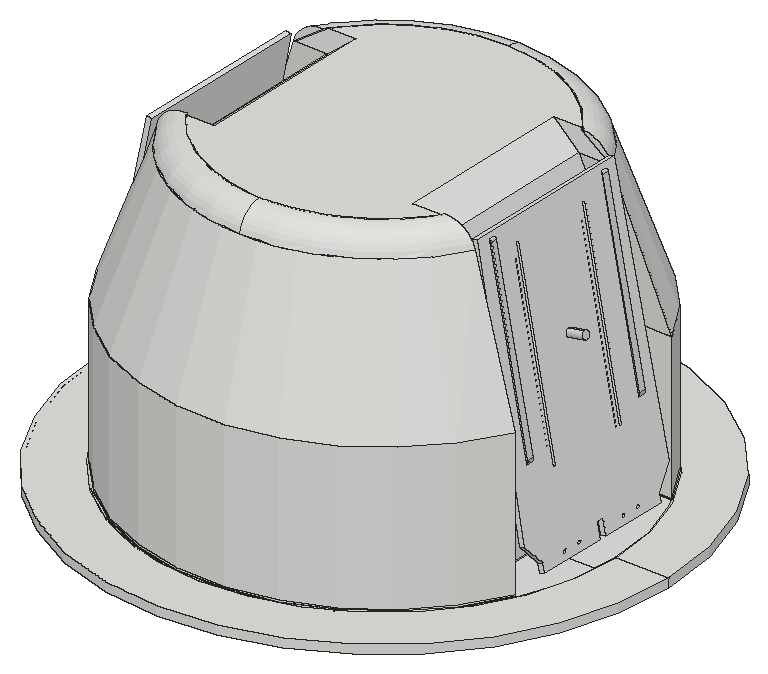
Revit family "LSC-606", category Electrical Equipment, Revit 2016
Family settings
  Panel Configuration = Two Columns, Circuits Across
  Part Type = Panelboard
  Round Connector Dimension = Use Diameter
  OmniClass Number = 23.80.30.11.17
  OmniClass Title = Distribution Boards and Control Panels
  Work Plane-Based = No
  Always vertical = Yes
  Cut with Voids When Loaded = No
  Shared = No
  Room Calculation Point = No
Parameters
  Website = "www.esser-systems.com"
  voltage = "100V/70V"
  Supply Phase = "3"
  Set Point Concentration = 0.00 m²
  Responsible Sourcing of Materials = "Endorsing body"
  Product Model Number = "Or  Code"
  Overall Width = 225 mm
  Overall Length = 240 mm
  Overall Height = 165 mm
  O&M Manual = "External data hyperconnection"
  Number of Poles = "3"
  Material2 = cutout
  Material = Steel
  Manufacturer Website = "External data hyperconnection"
  Manufacturer = "Life Safety A/V (Guangzhou) Co., Ltd"
  Location of Manufacturer = "Northing,Easting"
  Life Cycle Analysis = "A - E"
  Gross Weight = "2.05Kg"
  Green Guide for Specification = "A - E"
  Frequency = "350 Hz ~ 12 kHz"
  Fire Control Panel Links = yes
  Features = "Free text to describe product"
  Expected Life = "*Years"
  Environmental Product Declaration = "3rd Party Verification"
  Energy Technology List = "External data hyperconnection"
  Enclosure Rating = "IP rating"
  Embodied Carbon = "kgCO2"
  Coverage Area = 0.056 m²
  Classification = "speaker"
  CE Approval = "Number, Yes, No"
  Battery Type = "e.g. Alkaline, Lithium Ion Rechargeable"
  BMS Links = yes
Reference planes
  plane 1 "Center (Front/Back)": y = 0
  plane 2: z = 0
  plane 3 "Center (Left/Right)": x = 0
Dimensions and locks
  aligned and locked: level to plane 2
Nested families
  nested 1: "606" at (-2.8, -3.61, 0), type "606"
Definition of nested family "606"
  Parameters (values of type "606")
    Material2 = none
    Material = none
  Reference planes
    plane 1 "Center (Front/Back)": y = 0
    plane 2: z = 0
    plane 3 "Center (Left/Right)": x = 0
  Forms (mm)
    Revolve 1, solid, material <- "Material"
      sketch origin (-1.193, 0.238, 0) x (1, 0, 0) y (0, 0, 1)
        loop
          line (111, -4) -> (111, -0.5) -> (90.866, -0.5) -> (90, -1) -> (110, -1) -> (110, -3.311) -> (100.304, -7.005) -> (0, -8) -> (100.5, -8) -> (111, -4)
        axis (0, -0.5) -> (0, -8)
      angle from 0 to 360
    Extrusion 2, solid, material <- "Material"
      sketch origin (-1.193, 0.238, 0) x (1, 0, 0) y (0, 1, 0)
        loop
          arc (81.445, 38.298) -> (0, 90) -> (-81.445, 38.298) r 90
          line (-81.445, 38.298) -> (-68.215, 38.298) -> (-68.215, -38.298) -> (-81.445, -38.298)
          arc (-81.445, -38.298) -> (0, -90) -> (81.445, -38.298) r 90
          line (81.445, -38.298) -> (68.215, -38.298) -> (68.215, 38.298) -> (81.445, 38.298)
        loop
          arc (79.408, 39.574) -> (0, 88.723) -> (-79.408, 39.574) r 88.723
          line (-79.408, 39.574) -> (-66.938, 39.574) -> (-66.938, -39.574) -> (-79.408, -39.574)
          arc (-79.408, -39.574) -> (0, -88.723) -> (79.408, -39.574) r 88.723
          line (79.408, -39.574) -> (66.938, -39.574) -> (66.938, 39.574) -> (79.408, 39.574)
      from 0 to 56.701
    Blend 3, void
      base sketch origin (-1.193, 0.238, 0) x (1, 0, 0) y (0, 1, 0)
        loop
          arc (60.054, 34.672) -> (0, 69.344) -> (-60.054, 34.672) r 69.344
          line (-60.054, 34.672) -> (-48.076, 34.672) -> (-48.076, -34.672) -> (-60.054, -34.672)
          arc (-60.054, -34.672) -> (0, -69.344) -> (60.054, -34.672) r 69.344
          line (60.054, -34.672) -> (48.076, -34.672) -> (48.076, 34.672) -> (60.054, 34.672)
      top sketch origin (-1.193, 0.238, 0) x (1, 0, 0) y (0, 1, 0)
        loop
          line (-79.408, 39.574) -> (-66.938, 39.574) -> (-66.938, -39.574) -> (-79.408, -39.574)
          arc (-79.408, -39.574) -> (0, -88.723) -> (79.408, -39.574) r 88.723
          line (79.408, -39.574) -> (66.938, -39.574) -> (66.938, 39.574) -> (79.408, 39.574)
          arc (79.408, 39.574) -> (0, 88.723) -> (-79.408, 39.574) r 88.723
      from 111.532 to 56.701
    Blend 4, solid, material <- "Material"
      base sketch origin (-1.193, 0.238, 0) x (1, 0, 0) y (0, 1, 0)
        loop
          arc (81.445, 38.298) -> (0, 90) -> (-81.445, 38.298) r 90
          line (-81.445, 38.298) -> (-68.215, 38.298) -> (-68.215, -38.298) -> (-81.445, -38.298)
          arc (-81.445, -38.298) -> (0, -90) -> (81.445, -38.298) r 90
          line (81.445, -38.298) -> (68.215, -38.298) -> (68.215, 38.298) -> (81.445, 38.298)
      top sketch origin (-1.193, 0.238, 0) x (1, 0, 0) y (0, 1, 0)
        loop
          line (-62.023, 33.516) -> (-49.232, 33.516) -> (-49.232, -33.516) -> (-62.023, -33.516)
          arc (-62.023, -33.516) -> (0, -70.5) -> (62.023, -33.516) r 70.5
          line (62.023, -33.516) -> (49.232, -33.516) -> (49.232, 33.516) -> (62.023, 33.516)
          arc (62.023, 33.516) -> (0, 70.5) -> (-62.023, 33.516) r 70.5
      from 56.701 to 111.532
    Blend 5, solid, material <- "Material"
      base sketch origin (-1.193, 0.238, 0) x (1, 0, 0) y (0, 1, 0)
        loop
          arc (62.023, 33.516) -> (0, 70.5) -> (-62.023, 33.516) r 70.5
          line (-62.023, 33.516) -> (-49.232, 33.516) -> (-49.232, -33.516) -> (-62.023, -33.516)
          arc (-62.023, -33.516) -> (0, -70.5) -> (62.023, -33.516) r 70.5
          line (62.023, -33.516) -> (49.232, -33.516) -> (49.232, 33.516) -> (62.023, 33.516)
      top sketch origin (-1.193, 0.238, 0) x (1, 0, 0) y (0, 1, 0)
        loop
          arc (49.767, 34.402) -> (0, 60.5) -> (-49.767, 34.402) r 60.5
          line (-49.767, 34.402) -> (-38.67, 34.402) -> (-38.67, -34.402) -> (-49.767, -34.402)
          arc (-49.767, -34.402) -> (0, -60.5) -> (49.767, -34.402) r 60.5
          line (49.767, -34.402) -> (38.67, -34.402) -> (38.67, 34.402) -> (49.767, 34.402)
      from 111.532 to 120.049
    Revolve 6, solid, material <- "Material"
      sketch origin (-1.193, 0.238, 0) x (0, 1, 0) y (0, 0, 1)
        loop
          arc (70.5, 111.532) -> (67.068, 117.631) -> (60.5, 120.049) r 10.129
          line (60.5, 120.049) -> (70.5, 111.532)
        axis (0, 120.049) -> (0, 111.532)
      angle from 0 to 360
    Extrusion 7, void, detail levels coarse+medium
      sketch origin (-43.791, 0.238, 111.532) x (0, -1, 0) y (0.76132, 0, 0.648376)
        loop
          line (-33.516, -25.703) -> (33.516, -25.703) -> (33.516, 7.979) -> (-33.516, 7.979) -> (-33.516, -25.703)
      from 4.637 to 30.071
    Extrusion 8, void, detail levels coarse+medium
      sketch origin (41.405, 0.238, 111.532) x (0, -1, 0) y (0.76132, 0, -0.648376)
        loop
          line (-33.516, 26.853) -> (-33.516, -7.979) -> (33.516, -7.979) -> (33.516, 26.853) -> (-33.516, 26.853)
      from 4.637 to 44.256
    Extrusion 9, solid, material <- "Material"
      sketch origin (-1.193, 0.238, 0) x (1, 0, 0) y (0, 1, 0)
        loop
          arc (81.445, 38.298) -> (0, 90) -> (-81.445, 38.298) r 90
          line (-81.445, 38.298) -> (-68.215, 38.298) -> (-68.215, -38.298) -> (-81.445, -38.298)
          arc (-81.445, -38.298) -> (0, -90) -> (81.445, -38.298) r 90
          line (81.445, -38.298) -> (68.215, -38.298) -> (68.215, 38.298) -> (81.445, 38.298)
      from -0.5 to 0
    Revolve 10, solid, material <- "Material2"
      sketch origin (-1.193, 0.238, 0) x (1, 0, 0) y (0, 0, 1)
        loop
          line (0, -8) -> (0, -9.055) -> (100.5, -8) -> (0, -8)
        axis (0, -8) -> (0, -9.055)
      angle from 0 to 360
    Extrusion 11, solid
      sketch origin (1.196, -25.912, 2.498) x (1, 0, 0) y (0, 0, 1)
        loop
          line (59.951, 111.277) -> (74.921, 37.244)
          arc (74.921, 37.244) -> (76.222, 37.71) -> (76.598, 39.039) r 1.51
          line (76.598, 39.039) -> (62.191, 110.287)
          arc (62.191, 110.287) -> (61.327, 111.362) -> (59.951, 111.277) r 1.5
      from 0 to 2.388
    Extrusion 12, solid
      sketch origin (1.196, 26.298, 2.375) x (1, 0, 0) y (0, 0, -1)
        loop
          arc (59.951, -111.277) -> (61.327, -111.362) -> (62.191, -110.287) r 1.5
          line (62.191, -110.287) -> (76.598, -39.039)
          arc (76.598, -39.039) -> (76.222, -37.71) -> (74.921, -37.244) r 1.51
          line (74.921, -37.244) -> (59.951, -111.277)
      from 0 to 2.388
    Extrusion 13, void
      sketch origin (50.461, 19.449, 114.766) x (0, -1, 0) y (0.981023, 0, 0.193894)
        loop
          circle (3.19, 11) r 0.952
      from -84.241 to -9.167
    Extrusion 14, void
      sketch origin (50.461, -18.974, 114.766) x (0, 1, 0) y (-0.981023, 0, -0.193894)
        loop
          circle (3.19, -11) r 0.952
      from -84.241 to -9.167
    Extrusion 15, solid, material <- "Material"
      sketch origin (62.052, 0.238, 58.64) x (0, 1, 0) y (-0.193894, 0, 0.981023)
        loop
          line (32.923, 55.891) -> (-33.233, 55.891) -> (-35.055, -45.926) -> (-28.183, -54.116) -> (-28.183, -57.437) -> (-1.5, -57.437) -> (-1.5, -51.452) -> (1.5, -51.452) -> (1.5, -57.437) -> (28.183, -57.437) -> (28.183, -54.116) -> (34.751, -46.288) -> (32.923, 55.891)
        loop
          circle (-10.881, -54.444) r 0.8
        loop
          circle (-17.852, -54.444) r 0.8
        loop
          circle (10.881, -54.444) r 0.8
        loop
          circle (17.852, -54.444) r 0.8
      from 9 to 11
    Extrusion 16, solid, material <- "Material"
      sketch origin (-66.567, 0.238, 56.891) x (0, 1, 0) y (-0.193894, 0, -0.981023)
        loop
          line (33.664, -55.891) -> (35.476, 45.424) -> (28.183, 54.116) -> (28.183, 57.437) -> (1.5, 57.437) -> (1.5, 51.452) -> (-1.5, 51.452) -> (-1.5, 57.437) -> (-28.183, 57.437) -> (-28.183, 54.116) -> (-35.78, 45.062) -> (-33.973, -55.891) -> (33.664, -55.891)
        loop
          circle (-10.881, 54.444) r 0.8
        loop
          circle (-17.852, 54.444) r 0.8
        loop
          circle (10.881, 54.444) r 0.8
        loop
          circle (17.852, 54.444) r 0.8
      from 9 to 11
    Extrusion 17, solid
      sketch origin (-6.136, -25.912, 0.514) x (-1, 0, 0) y (0, 0, -1)
        loop
          arc (59.951, -111.277) -> (61.327, -111.362) -> (62.191, -110.287) r 1.5
          line (62.191, -110.287) -> (76.598, -39.039)
          arc (76.598, -39.039) -> (76.222, -37.71) -> (74.921, -37.244) r 1.51
          line (74.921, -37.244) -> (59.951, -111.277)
      from 0 to 2.388
    Extrusion 18, solid
      sketch origin (-6.136, 26.298, 0.39) x (-1, 0, 0) y (0, 0, 1)
        loop
          line (59.951, 111.277) -> (74.921, 37.244)
          arc (74.921, 37.244) -> (76.222, 37.71) -> (76.598, 39.039) r 1.51
          line (76.598, 39.039) -> (62.191, 110.287)
          arc (62.191, 110.287) -> (61.327, 111.362) -> (59.951, 111.277) r 1.5
      from 0 to 2.388
    Extrusion 19, void
      sketch origin (-55.401, 19.449, 112.781) x (0, -1, 0) y (0.981023, 0, -0.193894)
        loop
          circle (3.19, -11) r 0.952
      from -84.241 to -9.167
    Extrusion 20, void
      sketch origin (-55.401, -18.974, 112.781) x (0, 1, 0) y (-0.981023, 0, 0.193894)
        loop
          circle (3.19, 11) r 0.952
      from -84.241 to -9.167
  Cuts and joins
    Extrusion 7, Extrusion 8 cuts Blend 5
    Extrusion 13, Extrusion 14 cuts Extrusion 15
    Extrusion 7, Extrusion 8 cuts Revolve 6
    Extrusion 19, Extrusion 20 cuts Extrusion 16
    Blend 3 cuts Blend 4
  Dimensions and locks
    aligned and locked: level to plane 2
    aligned and locked: Extrusion 9 to Revolve 1
  Nested families
    nested 1: "族3" at (70.684, 0.238, 71.697) x (-0.1939, 0, 0.981) z (-0.981, 0, -0.1939), type "族3"
    nested 2: "族3" at (-75.199, 0.238, 59.948) x (0.1939, 0, 0.981) z (0.981, 0, -0.1939), type "族3"
  Definition of nested family "族3"
    Parameters (values of type "族3")
      Default Elevation = 1219.2 mm
    Reference planes
      plane 1 "中心(前/后)": y = 0
      plane 2: z = 0
      plane 3 "中心(左/右)": x = 0
    Forms (mm)
      Extrusion 1, solid
        sketch origin (0, 0, 0) x (1, 0, 0) y (0, 1, 0)
          loop
            line (-1219.2, 1219.2) -> (-1219.2, -1219.2) -> (1219.2, -1219.2) -> (1219.2, 1219.2) -> (-1219.2, 1219.2)
        from 0 to -304.8
      Extrusion 2, solid
        sketch origin (0, 0, 0) x (1, 0, 0) y (0, 1, 0)
          loop
            circle (0, 0) r 1.5
        from -6.904 to 8.843
      Extrusion 3, solid
        sketch origin (0, 0, -30) x (1, 0, 0) y (0, 1, 0)
          loop
            circle (0, 0) r 3
          loop
            circle (0, 0) r 1.5
        from 36.4 to 37.15
      Extrusion 4, solid
        sketch origin (0, 0, -30) x (1, 0, 0) y (0, 0, 1)
          loop
            line (-1.5, 37.15) -> (-3.898, 41.869)
            arc (-3.898, 41.869) -> (-5.458, 42.099) -> (-5.158, 40.55) r 0.966
            line (-5.158, 40.55) -> (-2.398, 37.15) -> (-1.5, 37.15)
          loop
            line (1.5, 37.15) -> (2.398, 37.15) -> (5.158, 40.55)
            arc (5.158, 40.55) -> (5.458, 42.099) -> (3.898, 41.869) r 0.966
            line (3.898, 41.869) -> (1.5, 37.15)
        from -0.374 to 0.565
    Dimensions and locks
      aligned and locked: plane 2 to Extrusion 1
      aligned and locked: level to Extrusion 1
